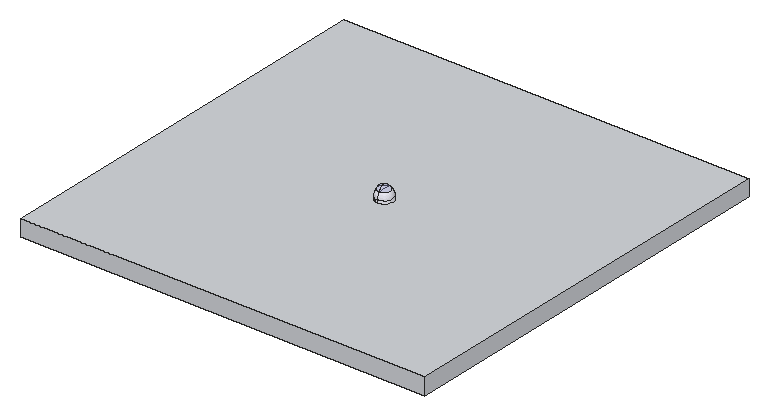
Revit family "PD4-C-AP types Avec hôte", category Dispositifs d'éclairage, Revit 2019
Family settings
  Hôte = Face
  Conserver l'orientation des annotations = Oui
  Cote de connecteur circulaire = Utiliser le diamètre
  Type d'élément = Normal
  Couper avec des vides une fois chargée = Non
  Partagée = Non
  Point de calcul de pièce = Non
Parameters (values of type "01- PD4-C-AP Générique")
  zone detection 2800 [instance] = Position en hauteur < 280.1 cm  # yes
  Zone de detection [instance] = no
  URL = "http://www.luxomat.com"
  Type de Sortie = ""
  Température ambiante = "-25°C à +50°C"
  Référence = ""
  Relais = ""
  Position en hauteur [instance] = 250 cm
  Portée frontale 360° [instance] = 800 cm  # constant formula
  Portée frontale 180° [instance] = 2000 cm  # constant formula
  Portée de biais [instance] = 4000 cm  # constant formula
  Modèle = "PD4-C-AP"
  Mode de pose = "Saillie"
  Marque = "LUXOMAT"
  Image du type = COULOIR.jpg
  IP = "44 ou 54"
  Hauteur de montage max préconisée [instance] = Hauteur de montage max  # 280 cm
  Hauteur de montage max = 280 cm
  Fabricant = "B.E.G."
  Etiquette [instance] = yes
  Default Elevation = 0 cm
  Consommation = ""
  Commentaires du type = "DET.PRES.SPECIAL COULOIR.180/360°/2x10M APPARENT"
  Code d'assemblage = "D5010200"
  Classe = "II"
  Charge LED = ""
  Charge Cos ɸ =1 = ""
  Charge Cos ɸ =0.5 = ""
  Alimentation = "110-240 V AC"
Types (15, lengths in cm): name | Type de Sortie | Référence | Relais | Modèle | IP | Consommation | Commentaires du type | Charge LED | Charge Cos ɸ =1 | Charge Cos ɸ =0.5 | Alimentation
  01- PD4-C-AP Générique | "" | "" | "" | "PD4-C-AP" | "44 ou 54" | "" | "DET.PRES.SPECIAL COULOIR.180/360°/2x10M APPARENT" | "" | "" | "" | "110-240 V AC"
  02- PD4N-1C-C-AP réf 92270 | "TOR" | "92270" | "10 A" | "PD4N-1C-C-AP" | "44" | "0,25 W" | "DET.MOUV.SPECIAL COULOIR.1 CONTACT.180/360°/2x10M APPARENT" | "300 W" | "2300 W" | "1150 VA" | "110-240 V AC"
  03- PD4-M-1C-C-AP réf 92587 | "TOR" | "92587" | "10 A" | "PD4-M-1C-C-AP" | "54" | "0,45 W" | "DET.PRES.SPECIAL COULOIR.MAITRE.1 CONTACT.180/360°/2x10M APPARENT" | "300 W" | "2300 W" | "1150 VA" | "110-240 V AC"
  04- PD4-M-1C-C-SP-AP réf 92485 | "TOR / Sécurité Positive" | "92485" | "10 A" | "PD4-M-1C-C-SP-AP" | "54" | "0,45 W" | "DET.PRES.SPECIAL COULOIR.MAITRE.1 CONTACT.SECURITE POSITIVE.180/360°/2x10M APPARENT" | "300 W" | "2300 W" | "1150 VA" | "110-240 V AC"
  05- PD4-M-2C-C-AP réf 92440 | "TOR + CVC" | "92440" | "10 A / 3 A" | "PD4-M-2C-C-AP" | "54" | "0,47 W" | "DET.PRES.SPECIAL COULOIR.MAITRE.2 CONTACTS.180/360°/2x10M APPARENT" | "300 W" | "2300 W" | "1150 VA" | "110-240 V AC"
  08- PD4-M-DIM-C-AP réf 92218 | "DIM (50 ballasts maxi)" | "92218" | "10 A" | "PD4-M-DIM-C-AP" | "54" | "0,50 W" | "DET.PRES.SPECIAL COULOIR.MAITRE.DIM(1-10V).180/360°/2x10M APPARENT" | "300 W" | "2300 W" | "1150 VA" | "110-240 V AC"
  06- PD4N-M-DACO-C-AP réf 93460 | "DALI 2  (40 drivers maxi)" | "93460+93465+93073" | "0" | "PD4N-M-DACO-C-AP" | "54" | "2 W" | "DET.PRES.SPECIAL COULOIR.MAITRE.DALI 2.180/360°/2x10M APPARENT + KIT AP réf 93465 + Lentille Couloir réf 93073" | "0" | "0" | "0" | "110-240 V AC"
  13- PD4N-KNX-C-DX-AP réf 93389 | "KNX - 1 sortie Eclairage TOR ou GRADATION / 3 sorties Présence / Capteur de température et bruit" | "93389+93307" | "0" | "PD4N-KNX-C-DX-AP" | "54" | "12 mA" | "DET.PRES.SPECIAL COULOIR.KNX.VERSION DELUXE.180/360°/2x10M ENCASTRE + KIT AP réf 93307" | "0" | "0" | "0" | "24 V DC par Bus KNX"
  09- PD4-S-C-AP réf 92442 | "Esclave" | "92442" | "0" | "PD4-S-C-AP" | "54" | "0,25 W" | "DET.PRES.SPECIAL COULOIR.ESCLAVE.180/360°/2x10M APPARENT" | "0" | "0" | "0" | "110-240 V AC"
  12- PD4N-BMS-DALI-2-C-AP réf 93546 | "DALI 2 adressable - BMS" | "93546" | "0" | "PD4N-BMS-DALI-2-C-AP" | "54" | "7 mA" | "MULTI.CAPTEUR.PRES.SPECIAL COULOIR.BMS.DALI2.180/360°/2x10M APPARENT + KIT AP réf 93307 + Lentille Couloir réf 93073" | "0" | "0" | "0" | "10-22 V DC par Bus DALI"
  11- PD4N-DALISYS-C-AP réf 93340 | "DALI adressable" | "93340+93307+93073" | "0" | "PD4N-DALISYS-C-AP" | "54" | "7 mA" | "MULTI.CAPTEUR.PRES.SPECIAL COULOIR.DALISYS.180/360°/2x10M ENCASTRE + KIT AP réf 93307 + Lentille Couloir réf 93073" | "0" | "0" | "0" | "10-22 V DC par Bus DALI"
  10- PD4N-DALILINK-C-AP réf 93377 | "DALILINK" | "93377+93307+93073" | "0" | "PD4N-DALILINK-C-AP" | "54" | "7 mA" | "MULTI.CAPTEUR.PRES.SPECIAL COULOIR.DALILINK.180/360°/2x10M ENCASTRE + KIT AP réf 93307 + Lentille Couloir réf 93073" | "0" | "0" | "0" | "16 V DC par Bus DALI"
  14- PD4N-KNXs-C-ST-AP réf 93515 | "KNX Sécure - 1 sortie Eclairage TOR ou GRADATION / 3 sorties Présence / HCL" | "93515+93307+93073" | "0" | "PD4N-KNXs-C-ST-AP" | "54" | "12 mA" | "DET.PRES.SPECIAL COULOIR.KNX Sécure.VERSION STANDARD.180/360°/2x10M ENCASTRE + KIT AP réf 93307 + Lentille Couloir réf 93073" | "0" | "0" | "0" | "24 V DC par Bus KNX"
  15- PD4N-KNXs-C-DX-AP réf 93517 | "KNX Sécure - 1 sortie Eclairage TOR ou GRADATION / 3 sorties Présence / Capteur de température et bruit / HCL" | "93517+93307+93073" | "0" | "PD4N-KNXs-C-DX-AP" | "54" | "12 mA" | "DET.PRES.SPECIAL COULOIR.KNX Sécure.VERSION DELUXE.180/360°/2x10M ENCASTRE + KIT AP réf 93307 + Lentille Couloir réf 93073" | "0" | "0" | "0" | "24 V DC par Bus KNX"
  07- PD4N-M-DACO-1C-C-AP réf 93463 | "DALI 2 (40 drivers maxi) + Contact NO" | "93463+93465+93073" | "10 A" | "PD4N-M-DACO-1C-C-AP" | "54" | "2 W" | "DET.PRES.SPECIAL COULOIR.MAITRE.DALI 2 + CONTACT NO.180/360°/2x10M APPARENT + KIT AP réf 93465 + Lentille Couloir réf 93073" | "300 W" | "2300 W" | "1150 VA" | "110-240 V AC"
Reference planes (cm)
  plane 1 "Centre (avant/arrière)": y = 0
  plane 2: z = 0
  plane 3 "Centre (gauche/droite)": x = 0
Forms (cm)
  Extrusion 1, solid
    sketch origin (0, 0, 0) x (1, 0, 0) y (0, 1, 0)
      loop
        line (-121.92, 121.92) -> (-121.92, -121.92) -> (121.92, -121.92) -> (121.92, 121.92) -> (-121.92, 121.92)
    from 0 to -10
Dimensions and locks (cm)
  aligned and locked: plane 2 to Extrusion 1
  aligned and locked: level to Extrusion 1
  aligned and locked: nested 2 to plane 2
Nested families (cm)
  nested 1: "Famille1" at (0.5717, 62.06, 0) x (-1, 0, 0) z (0, 0, 1), modele <- "Modèle", visible <- "Etiquette", référence <- "Référence", type "Famille1"
    with référence "", modele "PD4-C-AP"
  nested 2: "M14" at (0, 0, 0), type "Standard"
  nested 3: "Symbole plafond 2D couloir" at (0, 0.102, 0), type "Symbole plafond 2D couloir"
  nested 4: "zone I" at (0, 0, 0) x (1, 0, 0) z (0, 0, -1), visible <- "Zone de detection", zone 2800 <- "zone detection 2800", biais <- "Portée de biais", frontale 180° <- "Portée frontale 180°", frontale 360° <- "Portée frontale 360°", type "zone I"
    with zone 2800 yes, frontale 360° 800 cm, frontale 180° 2000 cm, biais 4000 cm
Connectors (cm)
  electrical at (0, 0, 0)
    settings: index 1, voltage 230 V, apparent load 0 VA, apparent load phase1 0 VA, apparent load phase2 0 VA, apparent load phase3 0 VA, power factor 1, load classification "Eclairage", number of poles 1, system type 31, power factor state 1, is connector primary yes, connector utility no, sub classification motor no, connector description ""
Definition of nested family "M14"
  Reference planes (cm)
    plane 1 "Centre (avant/arrière)": y = 0
    plane 2: z = 0
    plane 3 "Centre (gauche/droite)": x = 0
    plane 4: x = 0
  Forms (cm)
    Revolve 1, solid
      sketch origin (0, 0, 0) x (0, -1, 0) y (0, 0, 1)
        loop
          line (0, 0) -> (0, 5) -> (-3.8, 5)
          arc (-3.8, 5) -> (-4.577, 3.2225) -> (-4.8363, 1.3) r 7
          line (-4.8363, 1.3) -> (-4.9363, 1.3) -> (-5.05, 0) -> (0, 0)
        axis (0, 0) -> (0, 5)
      angle from 0 to 360
    Revolve 2, solid
      sketch origin (0, 0, 0) x (0, -1, 0) y (0, 0, 1)
        loop
          arc (0, 7.6) -> (-2.2816, 6.8864) -> (-3.75, 5) r 4.0043
          line (-3.75, 5) -> (0, 5) -> (0, 7.6)
        axis (0, 5) -> (0, 7.6)
      angle from 0 to 360
  Lines and regions (cm)
    reference lines
      curve 1: line (0, 0, 0) -> (0, 0, 7.6)
      curve 2: line (0, 0, 5) -> (0, 3.8, 5)
      curve 3: arc (0, 3.8, 5) -> (0, 4.577, 3.2225) -> (0, 4.8363, 1.3) r 7
      curve 4: line (0, 4.9363, 1.3) -> (0, 4.8363, 1.3)
      curve 5: line (0, 5.05, 0) -> (0, 4.9363, 1.3)
      curve 6: line (0, 0, 0) -> (0, 5.05, 0)
      curve 7: arc (0, 0, 7.6) -> (0, 2.2816, 6.8864) -> (0, 3.75, 5) r 4.0043
      curve 8: line (0, 3.75, 5) -> (0, 0, 5)
      curve 9: line (0, 0, 7.6) -> (0, 0, 5)
      curve 10: line (0, 0, 0) -> (0, 0, 7.6)
  Dimensions and locks (cm)
    aligned and locked: level to plane 2
    aligned and locked: Revolve 1 sketch curve to curve 1  (x2)
    aligned and locked: Revolve 1 sketch curve to curve 2
    aligned and locked: Revolve 1 sketch curve to curve 3
    aligned and locked: Revolve 1 sketch curve to curve 4
    aligned and locked: Revolve 1 sketch curve to curve 5
    aligned and locked: Revolve 1 sketch curve to curve 6
    aligned and locked: Revolve 2 sketch curve to curve 7
    aligned and locked: Revolve 2 sketch curve to curve 8
    aligned and locked: Revolve 2 sketch curve to curve 9
    aligned and locked: Revolve 2 sketch curve to curve 10
Definition of nested family "Famille1"
  Parameters (values of type "Famille1")
    référence [instance] = ""
    modele [instance] = ""
  Reference planes (cm)
    plane 1: y = 0
    plane 2: x = 0
  Text (cm)
    label "référence\nmodele" at (0.0074, 0.0451, 0), shows "référence", "modele"
Definition of nested family "Symbole plafond 2D couloir"
  Reference planes (cm)
    plane 1: y = 0
    plane 2: x = 0
  Lines and regions (cm)
    Filled region 1, type "rouge"
      outline origin (0, 0, 0) x (1, 0, 0) y (0, 1, 0)
        loop
          circle (0, 0) r 0.0294
    detail lines
      curve 1: arc (-0.0294, 0, 0) -> (0, -0.0294, 0) -> (0.0294, 0, 0) r 0.0294
      curve 2: arc (0.0294, 0, 0) -> (0, 0.0294, 0) -> (-0.0294, 0, 0) r 0.0294
      curve 3: arc (-0.1768, 0.102, 0) -> (-0.2041, 0, 0) -> (-0.1768, -0.102, 0) r 0.204
      curve 4: arc (0.1766, -0.102, 0) -> (0.2039, 0, 0) -> (0.1766, 0.102, 0) r 0.204
      curve 5: arc (-0.1404, 0.081, 0) -> (-0.1621, 0, 0) -> (-0.1404, -0.081, 0) r 0.162
      curve 6: arc (0.1402, -0.081, 0) -> (0.1619, 0, 0) -> (0.1402, 0.081, 0) r 0.162
      curve 7: arc (-0.104, 0.06, 0) -> (-0.1201, 0, 0) -> (-0.104, -0.06, 0) r 0.12
      curve 8: arc (0.1038, -0.06, 0) -> (0.1199, 0, 0) -> (0.1038, 0.06, 0) r 0.12
Definition of nested family "zone I"
  Parameters (values of type "zone I")
    zone 2800 [instance] = yes
    frontale 360° [instance] = 800 cm
    frontale 180° [instance] = 2000 cm
    biais [instance] = 4000 cm
  Reference planes (cm)
    plane 1 "Centre (avant/arrière)": y = 0
    plane 2: z = 0
    plane 3 "Centre (gauche/droite)": x = 0
    plane 4: x = 1000
    plane 5: x = -1000
    plane 6: y = 150
    plane 7: y = -150
    plane 8 "Centre (avant/arrière)": y = 0
    plane 9 "Centre (gauche/droite)": x = 0
    plane 10 "Centre (avant/arrière)": y = 0
    plane 11 "Centre (gauche/droite)": x = 0
  Lines and regions (cm)
    detail lines, in view "Niveau de réf.", visible <- "zone 2800"
      curve 1: line (628.4735, 0, 0) -> (545.5285, 0, 0)
      curve 2: line (545.5285, 0, 0) -> (573.8969, -22.1638, 0)
      curve 3: line (545.5285, 0, 0) -> (573.8969, 22.1638, 0)
      curve 4: line (0, -303.6554, 0) -> (0, -220.7104, 0)
      curve 5: line (0, -220.7104, 0) -> (-22.1638, -249.0788, 0)
      curve 6: line (0, -220.7104, 0) -> (22.1638, -249.0788, 0)
      curve 7: spline (-372.7692, 145.0624, 0) -> (-523.6863, 149.8316, 0) -> (-672.4215, 140.7991, 0) -> (-805.2741, 118.7969, 0) -> (-910.0066, 85.8517, 0) -> (-976.9713, 44.9984, 0) -> (-1000, 0, 0) -> (-976.9713, -44.9984, 0) -> (-910.0066, -85.8517, 0) -> (-805.2741, -118.7969, 0) -> (-672.4215, -140.7991, 0) -> (-523.6863, -149.8316, 0) -> (-372.7692, -145.0624, 0)
      curve 8: arc (-372.7692, -145.0624, 0) -> (0, -400, 0) -> (372.7692, -145.0624, 0) r 400
      curve 9: spline (372.7692, 145.0624, 0) -> (523.6863, 149.8316, 0) -> (672.4215, 140.7991, 0) -> (805.2741, 118.7969, 0) -> (910.0066, 85.8517, 0) -> (976.9713, 44.9984, 0) -> (1000, 0, 0) -> (976.9713, -44.9984, 0) -> (910.0066, -85.8517, 0) -> (805.2741, -118.7969, 0) -> (672.4215, -140.7991, 0) -> (523.6863, -149.8316, 0) -> (372.7692, -145.0624, 0)
      curve 10: arc (372.7692, 145.0624, 0) -> (0, 400, 0) -> (-372.7692, 145.0624, 0) r 400
    detail lines, in view "Niveau de réf.", visible <- "zone 2800", not visible
      curve 11: line (628.0656, -64.277, 0) -> (628.0656, 18.6681, 0)
      curve 12: line (628.0656, 18.6681, 0) -> (605.9018, -9.7003, 0)
      curve 13: line (628.0656, 18.6681, 0) -> (650.2294, -9.7003, 0)
      curve 14: line (628.0656, -64.277, 0) -> (628.0656, 18.6681, 0)
      curve 15: line (628.0656, 18.6681, 0) -> (605.9018, -9.7003, 0)
      curve 16: line (628.0656, 18.6681, 0) -> (650.2294, -9.7003, 0)
  Dimensions and locks (cm)
    aligned and locked: curve 4 to plane 11 "Centre (gauche/droite)"
    aligned and locked: curve 1 to plane 10 "Centre (avant/arrière)"
